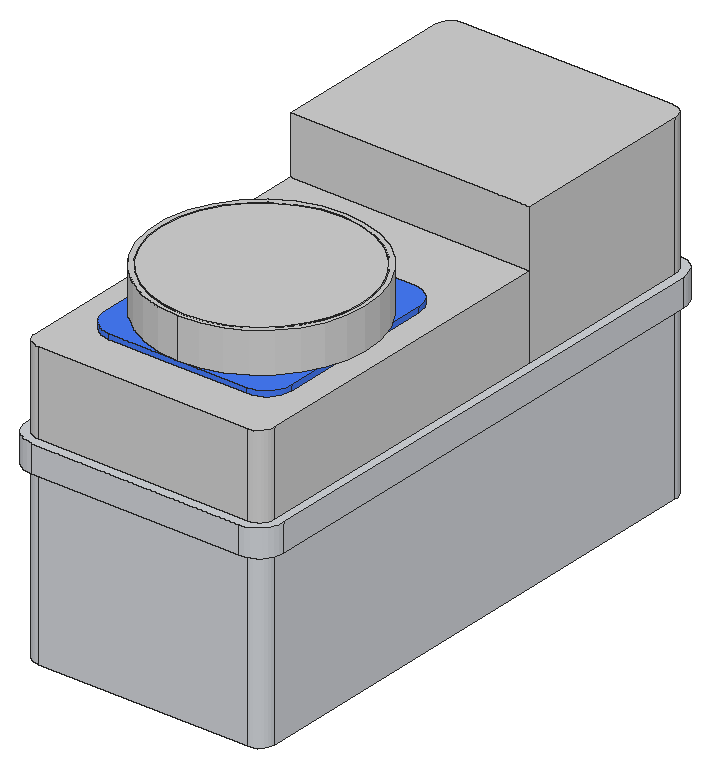
Revit family "Building-ConnessioniIEC309-GEWISS-67IB-PRESE-INTERBLOCCATE_IP67_CON_FONDO_24V", category Apparecchi elettrici, host Superficie, Revit 2019
Family settings
  Host = Superficie
  Mantenere orientamento annotazione = Sì
  Quota connettore circolare = Usa diametro
  Tipo di parte = Normale
  Taglio con vuoti quando caricato = Sì
  Condiviso = Sì
  Punto di calcolo locali = Sì
Parameters (values of type "GW66259N -  PR.BL.C.F.2P.160VA TRASF.230/24V IP67")
  presa = Grigio RAL - 7035
  giallo = 0 mm
  dist_piano [instance] = 75 mm
  Vista_2d_pianta [instance] = yes
  Versione file RFA = "21.8"
  URL = "https://www.gewiss.com/it/it"
  Tipologia = "Verticale"
  Termopressione con biglia = "125 °C (Presa IB) - 80 °C (Cassetta di fondo)"
  Tensione di uscita = "20-25 V"
  Temperatura di utilizzo = "-25 +40 °C"
  T2 = "24V"
  T1 = "230V"
  Struttura = Grigio RAL - 7035
  Simbolo presa = PRESAINDSTAGNA : 3P
  Simbolo [instance] = yes
  Simb_circuito [instance] = not(Simbolo)  # no
  Scheda Tecnica = "https://www.gewiss.com/it/it/search?q=GW66259N"
  SEO = "Presa"
  Resistenza agli urti = "IK08"
  Protezione = "Trasformatore di sicurezza"
  Default Elevation = 1219.2 mm
  Produttore = "GEWISS S.p.A."
  Prodotto a stock = ""
  Potenza nominale = "160VA"
  N. poli = "2P"
  Modello = "GW66259N"
  Immagine tipo = <Nessuno>
  IDT = "6291d3a6c8ec4742af7995575e50af9c"
  IDF = "39939390-56cf-44cd-acec-389131e572e6"
  Grado di protezione = "IP67"
  Glow wire test: = "850 °C (Presa IB) - 650 °C (Cassetta di fondo)"
  Frequenza = "50 Hz"
  Distanza x [instance] = 500 mm
  Distanza orizzontale simbolo [instance] = 0 mm
  Distanza effettiva x [instance] = 1500 mm - Distanza x  # 1000 mm
  Description = " PR.BL.C.F.2P.160VA TRASF.230/24V IP67"
  Creato da GEWISS S.p.A. = ""
  Corrente nominale (A) = "16"
  Corpo presa = Light Blue
  Cornice simbolo [instance] = yes
  Con fondo = "Si"
  Colore: = "Viola"
  Codice Electrocod = "2222"
  Catalogo = "BUILDING"
  COBie.Tagnumber = ""
  COBie.CreatedOn = ""
  COBie.CreatebBy = ""
  COBie.ComponentRegisterItemID = ""
  COBie.Component.TagNumber = ""
  COBie.Component.Space = ""
  COBie.Component.SerialNumber = ""
  COBie.Component.InstallationDate = ""
  COBie.Component.Description = ""
  COBie.Component.BarCode = ""
Reference planes
  plane 1 "Centro (Fronte/Retro)": y = 0
  plane 2: z = 0
  plane 3 "Centro (Sinistra/Destra)": x = 0
  plane 4: z = -2
  plane 5: x = -500
  plane 6: x = -1500
  plane 7: x = -500
  plane 8: through (-170.762, -4572, -38.353) normal (-0.6157, 0, 0.788)
Forms (mm)
  Extrusion 1, solid, detail levels coarse
    sketch origin (0, 0, 0) x (1, 0, 0) y (0, 1, 0)
      loop
        line (-51.5, 220) -> (-51.5, 0) -> (51.5, 0) -> (51.5, 220) -> (-51.5, 220)
    from 0 to 137
Lines and regions (mm)
  Masking region 1, visible <- "Vista_2d_pianta"
    outline origin (175.316, 0, 2.677) x (1, 0, 0) y (0, 0, 1)
      loop
        line (-226.816, -2.677) -> (-123.816, -2.677) -> (-123.816, 134.323) -> (-226.816, 134.323) -> (-226.816, -2.677)
Dimensions and locks
  locked: plane 2 to plane 4 at 2
  plane 6 to plane 5 = 1000 mm
  "Distanza effettiva x": plane 6 to plane 7
  angle plane 8 to plane 4 = 142.00°
  angle plane 7 to plane 8 = 128.00°
  aligned and locked: plane 2 to host face
  aligned and locked: level to host face
  aligned and locked: plane 7 to nested 1
  aligned and locked: plane 7 to nested 2
  aligned and locked: plane 1 "Centro (Fronte/Retro)" to nested 3
  aligned and locked: plane 3 "Centro (Sinistra/Destra)" to nested 3
  aligned and locked: Masking region 1 to nested 3  (x3)
  aligned and locked: Masking region 1 to host face
  aligned and locked: Extrusion 1 sketch curve to nested 3  (x3)
  aligned and locked: Extrusion 1 to nested 3
Automatic sketch dimensions
  host sketch curve to host sketch curve = 2438.4 mm  (x2)
  Masking region 1 sketch curve to plane 3 "Centro (Sinistra/Destra)" = 51.5 mm
  plane 3 "Centro (Sinistra/Destra)" to Masking region 1 sketch curve = 51.5 mm
  level to Masking region 1 sketch curve = 0 mm
  Masking region 1 sketch curve to Masking region 1 sketch curve = 137 mm
  plane 3 "Centro (Sinistra/Destra)" to Extrusion 1 sketch curve = 51.5 mm
Nested families
  nested 1: "simbolo_circuito" at (-500, 30.442, 0), Distanza dal muro <- "Distanza orizzontale simbolo", SIMBOLO ACCESO <- "Simb_circuito", type "3P"
    with SIMBOLO ACCESO no, Distanza dal muro 0 mm, BORDO ACCESO yes
  nested 2: "PRESAINDSTAGNA" at (-500, 23.722, 0), Distanza dal muro <- "Distanza orizzontale simbolo", type "3P"
    with Distanza dal muro 0 mm
  nested 3: "67IB PRESE INTERBLOC VERT 24V IP67_BASE" at (-51.5, 0, 0), type "67IB PRESE INTERBLOC VERT 24V IP67_BASE", detail levels medium+fine
Connectors
  electrical at (0, 110, 0)
    settings: on nested 3, index 1, voltage 0 V, apparent load 0 VA, apparent load phase1 0 VA, apparent load phase2 0 VA, apparent load phase3 0 VA, power factor 1, load classification "Altro", number of poles 1, system type 31, power factor state 1, is connector primary yes, connector utility no, sub classification motor no, connector description ""
Definition of nested family "67IB PRESE INTERBLOC VERT 24V IP67_BASE"
  Parameters (values of type "67IB PRESE INTERBLOC VERT 24V IP67_BASE")
    corpo presa = none
    Struttura = none
    Spessore = 30 mm
    Re = Raggio + 2 mm  # 42 mm
    Raggio = 40 mm
    Default Elevation = 14 mm
    Presa = none
    Larghezza = 103 mm
    IFC.TypeObject = ""
    IFC.ExportType = ""
    IFC.ExportAs = ""
    H_da terra = 586.883 mm
    DP = 0 mm
    COBie.CreatedOn = ""
    COBie.CreatebBy = ""
    COBie.ComponentRegisterItemID = ""
    COBie.Component.TagNumber = ""
    COBie.Component.Space = ""
    COBie.Component.SerialNumber = ""
    COBie.Component.InstallationDate = ""
    COBie.Component.Description = ""
    COBie.Component.BarCode = ""
    Altezza = 220 mm
  Reference planes
    plane 1 "Centro (Fronte/Retro)": y = 0
    plane 2: z = 0
    plane 3 "Centro (Sinistra/Destra)": x = 0
    plane 4: x = 103
    plane 5: y = 220
    plane 6: y = 216.384
    plane 7: x = 99.384
    plane 8: x = 3.616
    plane 9: y = 3.616
    plane 10: z = 81
    plane 11: y = 137.537
    plane 12: z = 137
    plane 13: z = 114
    plane 14: y = 104.865
    plane 15: x = 14
    plane 16: y = 21.126
    plane 17: x = 89
    plane 18: z = 116
    plane 19: z = 132
    plane 20: x = 51.5
    plane 21: y = 62.995
    plane 22: z = 70
    plane 23: z = 0
  Forms (mm)
    Extrusion 1, solid
      sketch origin (0, 0, 46) x (0, -1, 0) y (1, 0, 0)
        loop
          line (-210, 0) -> (-10, 0)
          arc (-10, 0) -> (-2.929, 2.929) -> (0, 10) r 10
          line (0, 10) -> (0, 93)
          arc (0, 93) -> (-2.929, 100.071) -> (-10, 103) r 10
          line (-10, 103) -> (-210, 103)
          arc (-210, 103) -> (-217.071, 100.071) -> (-220, 93) r 10
          line (-220, 93) -> (-220, 10)
          arc (-220, 10) -> (-217.071, 2.929) -> (-210, 0) r 10
        loop
          arc (-9.616, 3.616) -> (-5.373, 5.373) -> (-3.616, 9.616) r 6
          line (-3.616, 9.616) -> (-3.616, 93.384)
          arc (-3.616, 93.384) -> (-5.373, 97.627) -> (-9.616, 99.384) r 6
          line (-9.616, 99.384) -> (-210.384, 99.384)
          arc (-210.384, 99.384) -> (-214.627, 97.627) -> (-216.384, 93.384) r 6
          line (-216.384, 93.384) -> (-216.384, 9.989)
          arc (-216.384, 9.989) -> (-214.518, 5.482) -> (-210.011, 3.616) r 6.373
          line (-210.011, 3.616) -> (-9.616, 3.616)
      from 24 to 35
    Extrusion 2, solid, material <- "Struttura"
      sketch origin (0, 0, 46) x (0, -1, 0) y (1, 0, 0)
        loop
          line (-137.537, 99.384) -> (-137.537, 3.616) -> (-9.616, 3.616)
          arc (-9.616, 3.616) -> (-5.373, 5.373) -> (-3.616, 9.616) r 6
          line (-3.616, 9.616) -> (-3.616, 93.384)
          arc (-3.616, 93.384) -> (-5.373, 97.627) -> (-9.616, 99.384) r 6
          line (-9.616, 99.384) -> (-137.537, 99.384)
      from 35 to 68
    Extrusion 3, solid, material <- "Struttura"
      sketch origin (0, 0, 46) x (0, -1, 0) y (1, 0, 0)
        loop
          line (-137.537, 3.616) -> (-137.537, 99.384) -> (-210.384, 99.384)
          arc (-210.384, 99.384) -> (-214.627, 97.627) -> (-216.384, 93.384) r 6
          line (-216.384, 93.384) -> (-216.384, 9.616)
          arc (-216.384, 9.616) -> (-214.627, 5.373) -> (-210.384, 3.616) r 6
          line (-210.384, 3.616) -> (-137.537, 3.616)
      from 35 to 91
    Extrusion 4, solid, material <- "corpo presa"
      sketch origin (0, 0, 46) x (0, -1, 0) y (1, 0, 0)
        loop
          line (-94.865, 14) -> (-31.126, 14)
          arc (-31.126, 14) -> (-24.055, 16.929) -> (-21.126, 24) r 10
          line (-21.126, 24) -> (-21.126, 79)
          arc (-21.126, 79) -> (-24.055, 86.071) -> (-31.126, 89) r 10
          line (-31.126, 89) -> (-94.865, 89)
          arc (-94.865, 89) -> (-101.936, 86.071) -> (-104.865, 79) r 10
          line (-104.865, 79) -> (-104.865, 24)
          arc (-104.865, 24) -> (-101.936, 16.929) -> (-94.865, 14) r 10
      from 68 to 70
    Extrusion 5, solid, material <- "Presa"
      sketch origin (0, 0, 46) x (0, -1, 0) y (1, 0, 0)
        loop
          circle (-62.995, 51.5) r 40
        loop
          circle (-62.995, 51.5) r 42
      from 70 to 86
    Extrusion 6, solid, material <- "Presa"
      sketch origin (0, 0, 46) x (0, -1, 0) y (1, 0, 0)
        loop
          circle (-62.995, 51.5) r 40
      from 70 to 86
    Extrusion 7, solid
      sketch origin (0, 0, 46) x (0, -1, 0) y (1, 0, 0)
        loop
          arc (-9.616, 3.616) -> (-5.373, 5.373) -> (-3.616, 9.616) r 6
          line (-3.616, 9.616) -> (-3.616, 93.384)
          arc (-3.616, 93.384) -> (-5.373, 97.627) -> (-9.616, 99.384) r 6
          line (-9.616, 99.384) -> (-210.384, 99.384)
          arc (-210.384, 99.384) -> (-214.627, 97.627) -> (-216.384, 93.384) r 6
          line (-216.384, 93.384) -> (-216.384, 9.616)
          arc (-216.384, 9.616) -> (-214.627, 5.373) -> (-210.384, 3.616) r 6
          line (-210.384, 3.616) -> (-9.616, 3.616)
      from -46 to 24
  Dimensions and locks
    plane 3 "Centro (Sinistra/Destra)" to plane 4 = 103 mm
    plane 1 "Centro (Fronte/Retro)" to plane 5 = 220 mm
    locked: plane 7 to plane 4 at 3.616
    locked: plane 5 to plane 6 at 3.616
    locked: plane 3 "Centro (Sinistra/Destra)" to plane 8 at 3.616
    locked: plane 1 "Centro (Fronte/Retro)" to plane 9 at 3.616
    "Larghezza": plane 3 "Centro (Sinistra/Destra)" to plane 4
    "Altezza": plane 1 "Centro (Fronte/Retro)" to plane 5
    locked: plane 9 to plane 11 at 133.921
    locked: plane 1 "Centro (Fronte/Retro)" to plane 16 at 21.126
    locked: plane 16 to plane 14 at 83.739
    locked: plane 13 to plane 10 at 33
    locked: plane 18 to plane 13 at 2
    locked: plane 19 to plane 18 at 16
    locked: plane 12 to plane 10 at 56
    locked: plane 10 to plane 22 at 11
    locked: plane 22 to plane 23 at 70
    "DP": plane 23 to level
    radius of Extrusion 1 sketch curve = 10 mm  (x3)
    radius of Extrusion 1 sketch curve = 6.373 mm
    radius of Extrusion 1 sketch curve = 6 mm  (x2)
    radius of Extrusion 2 sketch curve = 6 mm  (x2)
    radius of Extrusion 3 sketch curve = 6 mm  (x2)
    radius of Extrusion 4 sketch curve = 10 mm  (x4)
    "Raggio": radius of Extrusion 5 sketch curve
    "Re": radius of Extrusion 5 sketch curve
    "Raggio": radius of Extrusion 6 sketch curve
    radius of Extrusion 7 sketch curve = 6 mm  (x4)
    aligned and locked: Extrusion 1 sketch curve to plane 3 "Centro (Sinistra/Destra)"
    aligned and locked: Extrusion 1 sketch curve to plane 8
    aligned and locked: Extrusion 1 sketch curve to plane 5
    aligned and locked: Extrusion 1 sketch curve to plane 6
    aligned and locked: Extrusion 1 sketch curve to plane 4
    aligned and locked: Extrusion 1 sketch curve to plane 7
    aligned and locked: Extrusion 1 sketch curve to plane 1 "Centro (Fronte/Retro)"
    aligned and locked: Extrusion 1 sketch curve to plane 9
    aligned and locked: plane 10 to Extrusion 1
    aligned and locked: Extrusion 2 sketch curve to plane 11
    aligned and locked: Extrusion 2 sketch curve to plane 8
    aligned and locked: Extrusion 2 sketch curve to plane 7
    aligned and locked: Extrusion 2 sketch curve to plane 9
    aligned and locked: Extrusion 3 sketch curve to plane 8
    aligned and locked: Extrusion 3 sketch curve to plane 7
    aligned and locked: Extrusion 3 sketch curve to plane 6
    aligned and locked: Extrusion 3 sketch curve to plane 11
    aligned and locked: plane 12 to Extrusion 3
    aligned and locked: plane 13 to Extrusion 2
    aligned and locked: Extrusion 4 sketch curve to plane 15
    aligned and locked: Extrusion 4 sketch curve to plane 16
    aligned and locked: Extrusion 4 sketch curve to plane 14
    aligned and locked: Extrusion 4 sketch curve to plane 17
    aligned and locked: Extrusion 4 to plane 13
    aligned and locked: Extrusion 4 to plane 18
    aligned and locked: Extrusion 5 to plane 18
    aligned and locked: Extrusion 5 to plane 19
    aligned and locked: Extrusion 6 to plane 18
    aligned and locked: Extrusion 6 to plane 19
    aligned and locked: Extrusion 1 to plane 22
    aligned and locked: Extrusion 2 to plane 10
    aligned and locked: Extrusion 3 to plane 10
    aligned and locked: Extrusion 7 sketch curve to plane 8
    aligned and locked: Extrusion 7 sketch curve to plane 6
    aligned and locked: Extrusion 7 sketch curve to plane 7
    aligned and locked: Extrusion 7 sketch curve to plane 9
    aligned and locked: Extrusion 7 to plane 22
    aligned and locked: Extrusion 7 to plane 23
  Automatic sketch dimensions
    Extrusion 1 sketch curve to plane 6 = 6 mm
    Extrusion 1 sketch curve to Extrusion 1 sketch curve = 0.384 mm
    Extrusion 5 sketch curve to Extrusion 5 sketch curve = 0 mm  (x2)
    Extrusion 5 sketch curve to plane 20 = 0 mm
    plane 21 to Extrusion 5 sketch curve = 0 mm
    Extrusion 6 sketch curve to plane 20 = 0 mm
    plane 21 to Extrusion 6 sketch curve = 0 mm
Definition of nested family "simbolo_circuito"
  Parameters (values of type "3P")
    SIMBOLO ACCESO [instance] = yes
    SIMBOLO = PRESAINDSTAGNA_BASE : 3P
    Distanza dal muro [instance] = 0 mm
    BORDO ACCESO [instance] = yes
  Reference planes
    plane 1: y = 0
    plane 2: x = 0
  Dimensions and locks
    "Distanza dal muro": plane 1 to nested 1
    aligned and locked: plane 2 to nested 1
  Nested families
    nested 1: "simb_base_di circuito" at (0, 0, 0), visible <- "SIMBOLO ACCESO", type "3P"
      with CORNICE SIMBOLO yes
  Definition of nested family "simb_base_di circuito"
    Parameters (values of type "3P")
      CORNICE SIMBOLO [instance] = yes
      3P = yes
    Types (2, lengths in mm): name | 3P
      3P | yes
      2P | no
    Reference planes
      plane 1: y = 0
      plane 2: x = 0
    Lines and regions (mm)
      detail lines, not visible
        curve 1: line (-2.443, 10.208, 0) -> (2.057, 10.208, 0)
        curve 2: line (2.057, 10.208, 0) -> (2.057, 4.208, 0)
        curve 3: line (2.057, 4.208, 0) -> (-2.443, 4.208, 0)
        curve 4: line (-2.443, 4.208, 0) -> (-2.443, 10.208, 0)
        curve 5: line (-2.043, 9.808, 0) -> (1.657, 9.808, 0)
        curve 6: line (1.657, 9.808, 0) -> (1.657, 4.608, 0)
        curve 7: line (1.657, 4.608, 0) -> (-2.043, 4.608, 0)
        curve 8: line (-2.043, 4.608, 0) -> (-2.043, 9.808, 0)
    Dimensions and locks
      aligned and locked: import instance to plane 2
      aligned and locked: plane 1 to import instance
Definition of nested family "PRESAINDSTAGNA"
  Parameters (values of type "3P")
    t2 = ""
    t1 = ""
    Distanza dal muro [instance] = 10 mm
  Reference planes
    plane 1: y = 0
    plane 2: x = 0
  Dimensions and locks
    "Distanza dal muro": plane 1 to nested 1
    aligned and locked: plane 2 to nested 1
  Nested families
    nested 1: "simb_b" at (0, 10, 0), type "2P"
  Definition of nested family "simb_b"
    Parameters (values of type "3P")
      t2 = ""
      Testo = ""
      CORNICE SIMBOLO [instance] = yes
      3P = yes
    Types (2, lengths in mm): name | 3P
      3P | yes
      2P | no
    Reference planes
      plane 1: y = 0
      plane 2: x = 0
    Lines and regions (mm)
      detail lines, not visible
        curve 1: line (-2.443, 10.208, 0) -> (2.057, 10.208, 0)
        curve 2: line (2.057, 10.208, 0) -> (2.057, 4.208, 0)
        curve 3: line (2.057, 4.208, 0) -> (-2.443, 4.208, 0)
        curve 4: line (-2.443, 4.208, 0) -> (-2.443, 10.208, 0)
        curve 5: line (-2.043, 9.808, 0) -> (1.657, 9.808, 0)
        curve 6: line (1.657, 9.808, 0) -> (1.657, 4.608, 0)
        curve 7: line (1.657, 4.608, 0) -> (-2.043, 4.608, 0)
        curve 8: line (-2.043, 4.608, 0) -> (-2.043, 9.808, 0)
      detail lines
        curve 9: circle (0.312, 4.751, 0) r 0.074 normal (0, 0, 1)
        curve 10: arc (0.447, 0.778, 0) -> (0, 1.225, 0) -> (-0.447, 0.778, 0) r 0.447
        curve 11: line (-0.312, 4.688, 0) -> (0.312, 4.959, 0)
        curve 12: line (-0.312, 4.481, 0) -> (0.312, 4.751, 0)
        curve 13: line (-0.447, 1.225, 0) -> (0.447, 1.225, 0)
        curve 14: line (0, 2.302, 0) -> (0, 1.225, 0)
        curve 15: line (0, 5.167, 0) -> (0, 3.862, 0)
        curve 16: circle (0, 3.381, 0) r 0.48 normal (0, 0, 1)
        curve 17: circle (0, 2.783, 0) r 0.48 normal (0, 0, 1)
    Text (mm)
      label "Testo" at (-0.037, 5.499, 0), shows "Testo"
      label "t2" at (-0.037, 0.723, 0), shows "t2"
